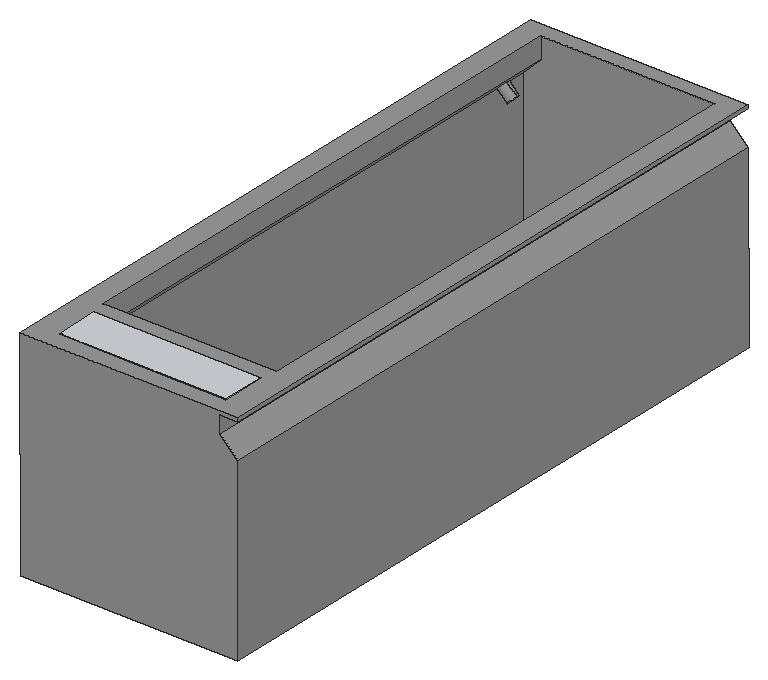
Revit family "Shower_Cabinet-Willoughby-US-3030-FA-L", category Plumbing Fixtures, Revit 2015
Parameters (values of type "Standard")
  Waste Radius = Waste DIA / 2  # 1"
  Waste DIA = 2"
  Waste Connection = yes
  Vent Connection = no
  URL = "https://www.willoughby-ind.com/wp-content/uploads/2018/01/US-3636-FA.pdf"
  Revision = "A"
  Model = "US-3030-FA-L"
  Manufacturer = "Willoughby Industries"
  HW Connection = no
  HCW Inlet RAD = HCW Inlet DIA / 2  # 1/4"
  HCW Inlet DIA = 1/2"
  Fixture Body = Stainless Steel AISI 304-Willoughby
  Description = "US 30\" X 30\" Front Access Series Cabinet Shower, Left Hand"
  Default Elevation = 0' - 0"
  Contact info = "(800) 428-4065"
  CW Connection = no
  CW & HW Inlet = yes
Reference planes (in)
  plane 1 "Center (Front/Back)": y = 0
  plane 2: z = 0
  plane 3 "Center (Left/Right)": x = 0
  plane 4: y = 88
  plane 5: x = -15
  plane 6: x = 15
  plane 7: z = 30
  plane 8: z = 15
  plane 9 "Waste Height": y = 6.5
Forms (in)
  Extrusion 1, solid, material "Stainless Steel AISI 304-Willoughby" <- "Fixture Body"
    sketch origin (0, 0, 0) x (1, 0, 0) y (0, 0, 1)
      loop
        line (-15, 0) -> (15, 0) -> (15, 24.70711) -> (12.5, 27.20711) -> (12.5, 29.5) -> (15, 29.5) -> (15, 30) -> (-15, 30) -> (-15, 0)
    from 0 to -88
  Extrusion 2, void, detail levels fine
    sketch origin (0, 0, 0) x (1, 0, 0) y (0, 0, 1)
      loop
        line (14.5, 0.5) -> (14.5, 24.5) -> (12, 27) -> (12, 30) -> (-12, 30) -> (-12, 27) -> (-14.5, 24.5) -> (-14.5, 0.5) -> (14.5, 0.5)
    from -10.5 to -86
  Extrusion 3, void, detail levels fine
    sketch origin (0, 0, 0) x (1, 0, 0) y (0, 0, 1)
      loop
        line (-14.5, 0.5) -> (14.5, 0.5) -> (14.5, 24.5) -> (12, 27) -> (-12, 27) -> (-14.5, 24.5) -> (-14.5, 0.5)
    from -9 to -10.5
  Extrusion 4, void, detail levels fine
    sketch origin (0.89838, 0, 3.72188) x (1, 0, 0) y (0, 0, 1)
      loop
        circle (-0.89838, 11.27812) r 2
    from -8.61062 to -9
  Extrusion 5, solid, material "Stainless Steel AISI 304-Willoughby" <- "Fixture Body", detail levels fine
    sketch origin (0, 0, 0) x (1, 0, 0) y (0, 1, 0)
      loop
        circle (0, 6.5) r 1
    from 0 to 5.55813
  Extrusion 6, solid, material "Stainless Steel AISI 304-Willoughby" <- "Fixture Body", detail levels medium+fine
    sketch origin (-14.12132, 0, 24.87868) x (-0.707107, 0, -0.707107) y (0, 1, 0)
      loop
        circle (-1.23223, 81) r 0.75
    from 0 to 2
  Extrusion 7, solid
    sketch origin (0, 0, 0) x (1, 0, 0) y (0, 0, 1)
      loop
        line (0, 30) -> (11.5, 30) -> (11.5, 30.075) -> (-11.5, 30.075) -> (-11.5, 30) -> (0, 30)
    from -2.375 to -8.375
Cuts and joins
  Extrusion 2, Extrusion 3, Extrusion 4 cuts Extrusion 1
Lines and regions (in)
  model lines, detail levels coarse+medium
    curve 1: line (-15, 0, 30) -> (-15, 0, 29.5)
    curve 2: line (-12.5, 0, 27.20711) -> (-15, 0, 24.70711)
  symbolic lines
    curve 3: line (-15, 0, 0) -> (-15, 88, 0)
    curve 4: line (-15, 88, 0) -> (15, 88, 0)
    curve 5: line (15, 88, 0) -> (15, 0, 0)
    curve 6: line (15, 0, 0) -> (-15, 0, 0)
    curve 15: line (15, 0, 0) -> (15, 0, 30)
    curve 16: line (-15, 0, 30) -> (-15, 0, 29.5)
    curve 17: line (-12.5, 0, 29.5) -> (-12.5, 0, 27.20711)
    curve 18: line (-15, 0, 29.5) -> (-12.5, 0, 29.5)
    curve 19: line (-12.5, 0, 27.20711) -> (-15, 0, 24.70711)
    curve 20: line (-15, 0, 24.70711) -> (-15, 0, 0)
    curve 21: line (-15, 0, 0) -> (15, 0, 0)
    curve 22: line (0, 0, 0) -> (0, 88, 0)
    curve 23: line (0, 88, 0) -> (0, 88, 30)
    curve 24: line (0, 88, 30) -> (0, 0, 30)
    curve 25: line (0, 0, 30) -> (0, 0, 0)
    curve 36: line (15, 0, 30) -> (-15, 0, 30)
  symbolic lines, detail levels medium+fine
    curve 7: line (-12, 86, 0) -> (12, 86, 0)
    curve 8: line (12, 86, 0) -> (12, 10.5, 0)
    curve 9: line (12, 10.5, 0) -> (-12, 10.5, 0)
    curve 10: line (-12, 10.5, 0) -> (-12, 86, 0)
    curve 26: line (0, 0, 24.70711) -> (0, 88, 24.70711)
    curve 27: line (0, 88, 27.20711) -> (0, 0, 27.20711)
    curve 28: line (0, 0, 29.5) -> (0, 88, 29.5)
    curve 29: line (-14.5, 9, 0) -> (-14.5, 86, 0)
    curve 30: line (14.5, 86, 0) -> (14.5, 9, 0)
    curve 31: line (14.5, 9, 0) -> (-14.5, 9, 0)
    curve 32: line (-12.5, 0, 0) -> (-12.5, 88, 0)
    curve 37: line (12, 0, 30) -> (12, 0, 27)
    curve 38: line (12, 0, 27) -> (14.5, 0, 24.5)
    curve 39: line (14.5, 0, 24.5) -> (14.5, 0, 0.5)
    curve 40: line (14.5, 0, 0.5) -> (-14.5, 0, 0.5)
    curve 41: line (-14.5, 0, 0.5) -> (-14.5, 0, 24.5)
    curve 42: line (-14.5, 0, 24.5) -> (-12, 0, 27)
    curve 43: line (-12, 0, 27) -> (12, 0, 27)
    curve 44: line (-12, 0, 30) -> (-12, 0, 27)
    curve 45: line (-14.5, 86, 0) -> (14.5, 86, 0)
  symbolic lines, detail levels fine
    curve 11: line (12, 81.75, 0) -> (11.8108, 81.75, 0)
    curve 12: line (11.8108, 80.25, 0) -> (12, 80.25, 0)
    curve 13: spline (11.8108, 81.75, 0) -> (11.68001, 81.72444, 0) -> (11.55813, 81.64952, 0) -> (11.45347, 81.53033, 0) -> (11.37316, 81.375, 0) -> (11.32268, 81.19411, 0) -> (11.30546, 81, 0) -> (11.32268, 80.80589, 0) -> (11.37316, 80.625, 0) -> (11.45347, 80.46967, 0) -> (11.55813, 80.35048, 0) -> (11.68001, 80.27556, 0) -> (11.8108, 80.25, 0)
    curve 14: circle (0, 50.9968, 0) r 0.74999 normal (0, 0, 1)
    curve 33: line (12, 81.75, 0) -> (11.8108, 81.75, 0)
    curve 34: line (12, 80.25, 0) -> (11.8108, 80.25, 0)
    curve 35: spline (11.8108, 81.75, 0) -> (11.68001, 81.72444, 0) -> (11.55813, 81.64952, 0) -> (11.45347, 81.53033, 0) -> (11.37316, 81.375, 0) -> (11.32268, 81.19411, 0) -> (11.30546, 81, 0) -> (11.32268, 80.80589, 0) -> (11.37316, 80.625, 0) -> (11.45347, 80.46967, 0) -> (11.55813, 80.35048, 0) -> (11.68001, 80.27556, 0) -> (11.8108, 80.25, 0)
Dimensions and locks (in)
  plane 4 to cut or joined group of Extrusion 1, Extrusion 2, Extrusion 3, Extrusion 4 = 0' - 2"
  cut or joined group of Extrusion 1, Extrusion 2, Extrusion 3, Extrusion 4 to cut or joined group of Extrusion 1, Extrusion 2, Extrusion 3, Extrusion 4 = 0' - 10 1/2"
  cut or joined group of Extrusion 1, Extrusion 2, Extrusion 3, Extrusion 4 to plane 1 "Center (Front/Back)" = 0' - 9"
  level to plane 8 = 1' - 3"
  plane 1 "Center (Front/Back)" to plane 9 "Waste Height" = 0' - 6 1/2"
  Extrusion 3 sketch curve to Extrusion 3 sketch curve = 2' - 5"
  locked: Extrusion 3 sketch curve to Extrusion 3 sketch curve at 2.5  (x2)
  plane 1 "Center (Front/Back)" to plane 4 = 7' - 4"
  plane 1 "Center (Front/Back)" to curve 13 = 6' - 9"
  locked: plane 5 to plane 6 at 30
  plane 5 to plane 6 = 2' - 6"
  angle Extrusion 3 sketch curve to Extrusion 3 sketch curve = 45.00°  (x2)
  aligned and locked: Extrusion 1 to plane 4
  aligned: plane 5 to Extrusion 1
  aligned: Extrusion 1 to plane 6
  aligned: plane 7 to Extrusion 1
  aligned: cut or joined group of Extrusion 1, Extrusion 2, Extrusion 3, Extrusion 4 to cut or joined group of Extrusion 1, Extrusion 2, Extrusion 3, Extrusion 4  (x3)
  aligned and locked: level to cut or joined group of Extrusion 1, Extrusion 2, Extrusion 3, Extrusion 4
  aligned and locked: Extrusion 3 sketch curve to cut or joined group of Extrusion 1, Extrusion 2, Extrusion 3, Extrusion 4
  aligned and locked: plane 5 to cut or joined group of Extrusion 1, Extrusion 2, Extrusion 3, Extrusion 4
  aligned and locked: plane 7 to cut or joined group of Extrusion 1, Extrusion 2, Extrusion 3, Extrusion 4
  aligned and locked: cut or joined group of Extrusion 1, Extrusion 2, Extrusion 3, Extrusion 4 to cut or joined group of Extrusion 1, Extrusion 2, Extrusion 3, Extrusion 4  (x2)
Connectors (in)
  piping at (0, 6.5, 0), diameter 2, driven by "Waste Connection", driven by "Waste Radius"
    settings: on Extrusion 5, index 2, connector inside diameter 2", connector length 0' - 0", flow factor 0, pipe flow 0 GPM, pressure drop 0.00 psi, fitting loss kfactor 0, connector angle 0.00°, fixture units 0, engagement length 0' - 0", angle of deflection 0.00°, flow configuration 0, flow direction 2, fitting loss method 0, system type 16, joint type 0, gender type 0, connector reference index -1, connector utility 1, adjustable connector yes, is connector primary yes, connector description "Shower Drain"
